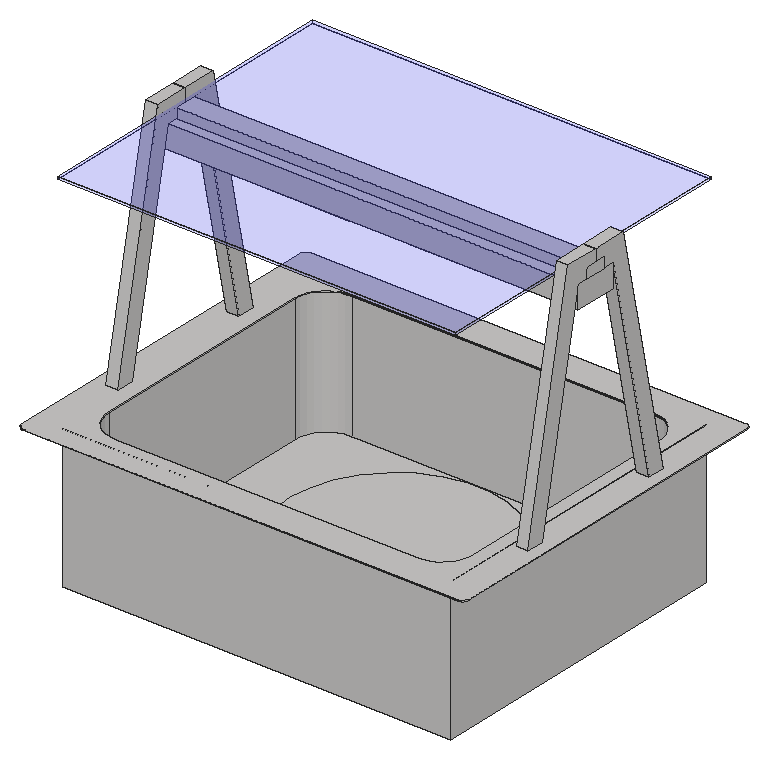
Revit family "scaldavivande_alto", category Attrezzature speciali, Revit 2020
Family settings
  Quota connettore circolare = Usa diametro
  Tipo di parte = Normale
  Basato su piano di lavoro = No
  Sempre verticale = Sì
  Taglio con vuoti quando caricato = No
  Condiviso = No
  Punto di calcolo locali = No
Parameters
  Width = 770 mm
  Prospetto di default = 0 mm
  Deep = 620 mm
Reference planes
  plane 1 "BACK": y = 0
  plane 2: z = 5.426
  plane 3 "LEFT": x = 0
  plane 4: y = -620
  plane 5: z = 409.426
  plane 6: y = -310
Forms (mm)
  Extrusion 1, solid, material "QF_Finishes_Stainless Steel"
    sketch origin (-650, 0, 5.426) x (1, 0, 0) y (0, 1, 0)
      loop
        arc (660, 0) -> (652.929, -2.929) -> (650, -10) r 10
        line (650, -10) -> (650, -610)
        arc (650, -610) -> (652.929, -617.071) -> (660, -620) r 10
        line (660, -620) -> (1410, -620)
        arc (1410, -620) -> (1417.071, -617.071) -> (1420, -610) r 10
        line (1420, -610) -> (1420, -10)
        arc (1420, -10) -> (1417.071, -2.929) -> (1410, 0) r 10
        line (1410, 0) -> (660, 0)
    from 0 to 1
  Extrusion 2, solid, material "QF_Finishes_Stainless Steel"
    sketch origin (0, 0, 12.548) x (1, 0, 0) y (0, 1, 0)
      loop
        line (50, -35) -> (50, -585) -> (720, -585) -> (720, -35) -> (50, -35)
    from -251.122 to -7.122
  Extrusion 3, void
    sketch origin (0, 0, -2.817) x (1, 0, 0) y (0, 1, 0)
      loop
        arc (125, -55) -> (86.109, -71.109) -> (70, -110) r 55
        line (70, -110) -> (70, -510)
        arc (70, -510) -> (86.109, -548.891) -> (125, -565) r 55
        line (125, -565) -> (644.507, -565)
        arc (644.507, -565) -> (683.398, -548.891) -> (699.507, -510) r 55
        line (699.507, -510) -> (699.507, -110)
        arc (699.507, -110) -> (683.398, -71.109) -> (644.507, -55) r 55
        line (644.507, -55) -> (125, -55)
    from -209.107 to 9.244
  Extrusion 4, solid, material "QF_Finishes_Stainless Steel"
    sketch origin (21.5, -620, 0) x (0, -1, 0) y (0, 0, -1)
      loop
        line (-310, -409.426) -> (-250.873, -409.426) -> (-165, -5.426) -> (-195, -5.426) -> (-272.583, -370.426) -> (-310, -370.426) -> (-310, -409.426)
    from 0 to 20
  Extrusion 5, solid, material "QF_Finishes_Stainless Steel"
    sketch origin (21.5, 0, 0) x (0, 1, 0) y (0, 0, 1)
      loop
        line (-310, 409.426) -> (-310, 370.426) -> (-272.583, 370.426) -> (-195, 5.426) -> (-165, 5.426) -> (-250.873, 409.426) -> (-310, 409.426)
    from 0 to 20
  Extrusion 6, solid, material "QF_Finishes_Stainless Steel"
    sketch origin (749, -620, 0) x (0, -1, 0) y (0, 0, 1)
      loop
        line (-310, 409.426) -> (-310, 370.426) -> (-272.583, 370.426) -> (-195, 5.426) -> (-165, 5.426) -> (-250.873, 409.426) -> (-310, 409.426)
    from 0 to 20
  Extrusion 7, solid, material "QF_Finishes_Stainless Steel"
    sketch origin (749, 0, 0) x (0, 1, 0) y (0, 0, -1)
      loop
        line (-310, -409.426) -> (-250.873, -409.426) -> (-165, -5.426) -> (-195, -5.426) -> (-272.583, -370.426) -> (-310, -370.426) -> (-310, -409.426)
    from 0 to 20
  Extrusion 8, solid, material "QF_Finishes_Stainless Steel"
    sketch origin (0, 0, 0) x (0, 1, 0) y (0, 0, 1)
      loop
        line (-291.292, 370.426) -> (-291.292, 387.956) -> (-328.917, 387.956) -> (-328.917, 370.426) -> (-291.292, 370.426)
    from 21.5 to 749
  Extrusion 9, solid, material "Vetro"
    sketch origin (-15.44, 0, 5.426) x (1, 0, 0) y (0, 1, 0)
      loop
        line (56.94, -35) -> (56.94, -585) -> (744.44, -585) -> (744.44, -35) -> (56.94, -35)
    from 382.529 to 387.529
  Extrusion 10, solid, material "QF_Finishes_Stainless Steel"
    sketch origin (329.693, -341.308, -643.387) x (0, 0, -1) y (0, 1, 0)
      loop
        circle (-372.814, -140.692) r 12.7
    from 5 to 70.307
  Extrusion 11, solid, material "QF_Finishes_Stainless Steel"
    sketch origin (0, 0, 0) x (0, 1, 0) y (0, 0, 1)
      loop
        line (-272.583, 370.426) -> (-347.583, 370.426) -> (-347.583, 330.426) -> (-272.583, 330.426) -> (-272.583, 370.426)
    from 21.5 to 749
  Extrusion 12, solid, material "QF_Finishes_Stainless Steel"
    sketch origin (34.947, 0, 0) x (0, 1, 0) y (0, 0, 1)
      loop
        line (-280.414, 330.426) -> (-340.414, 330.426) -> (-340.414, 325.426) -> (-280.414, 325.426) -> (-280.414, 330.426)
    from 113.553 to 313.553
  Extrusion 13, solid, material "QF_Finishes_Stainless Steel"
    sketch origin (769.053, 0, 0) x (0, 1, 0) y (0, 0, -1)
      loop
        line (-280.414, -330.426) -> (-280.414, -325.426) -> (-340.414, -325.426) -> (-340.414, -330.426) -> (-280.414, -330.426)
    from 113.553 to 313.553
  Extrusion 14, solid, material "QF_Finishes_Stainless Steel"
    sketch origin (0, 0, 5.426) x (1, 0, 0) y (0, 1, 0)
      loop
        circle (386.025, -481.971) r 12.675
    from -276 to -244
  Extrusion 15, solid, material "QF_Finishes_Stainless Steel"
    sketch origin (1420, 0, 22.375) x (-1, 0, 0) y (0, -1, 0)
      loop
        circle (1015.693, 310) r 180
    from -234.299 to -181.299
  Extrusion 16, solid, material "QF_Finishes_Stainless Steel"
    sketch origin (0, 0, 0.351) x (0, 1, 0) y (0, 0, 1)
      loop
        line (-161.185, -238.924) -> (-461.185, -238.924) -> (-461.185, -268.924) -> (-161.185, -268.924) -> (-161.185, -238.924)
    from 247.74 to 572.66
Cuts and joins
  Extrusion 3 cuts Extrusion 1
  Extrusion 3 cuts Extrusion 2
Dimensions and locks
  equal spacing: Extrusion 1, Extrusion 2 sketch curve, Extrusion 2 sketch curve, Extrusion 1  (x2)
  "Width": Extrusion 1 to Extrusion 1
  "Deep": Extrusion 1 to plane 1 "BACK"
  equal spacing: Extrusion 2, Extrusion 3 sketch curve, Extrusion 3 sketch curve, Extrusion 2  (x2)
  plane 5 to plane 2 = 404 mm
  Extrusion 11 sketch curve to cut or joined group of Extrusion 1, Extrusion 3 = 324 mm
  aligned and locked: level to plane 2
Automatic sketch dimensions
  Extrusion 1 sketch curve to plane 3 "LEFT" = 0 mm
  plane 4 to Extrusion 1 sketch curve = 0 mm
  plane 1 "BACK" to Extrusion 1 sketch curve = 0 mm
  plane 3 "LEFT" to Extrusion 1 sketch curve = 10 mm  (x2)
  plane 3 "LEFT" to Extrusion 2 sketch curve = 50 mm
  Extrusion 2 sketch curve to plane 4 = 35 mm
  plane 1 "BACK" to Extrusion 2 sketch curve = 35 mm
  plane 3 "LEFT" to Extrusion 3 sketch curve = 70 mm
  Extrusion 3 sketch curve to Extrusion 3 sketch curve = 55 mm  (x4)
  Extrusion 3 sketch curve to plane 4 = 55 mm
  plane 1 "BACK" to Extrusion 3 sketch curve = 110 mm
  Extrusion 4 sketch curve to plane 6 = 0 mm
  plane 5 to Extrusion 4 sketch curve = 0 mm
  Extrusion 4 sketch curve to level = 0 mm
  Extrusion 4 sketch curve to Extrusion 4 sketch curve = 37.417 mm
  Extrusion 4 sketch curve to Extrusion 4 sketch curve = 21.71 mm
  plane 6 to Extrusion 4 sketch curve = 115 mm
  Extrusion 4 sketch curve to Extrusion 4 sketch curve = 30 mm
  Extrusion 4 sketch curve to Extrusion 4 sketch curve = 39 mm
  Extrusion 5 sketch curve to plane 6 = 0 mm
  plane 5 to Extrusion 5 sketch curve = 0 mm
  Extrusion 5 sketch curve to level = 0 mm
  Extrusion 5 sketch curve to Extrusion 5 sketch curve = 37.417 mm
  Extrusion 5 sketch curve to Extrusion 5 sketch curve = 21.71 mm
  plane 6 to Extrusion 5 sketch curve = 115 mm
  Extrusion 5 sketch curve to Extrusion 5 sketch curve = 30 mm
  Extrusion 5 sketch curve to Extrusion 5 sketch curve = 39 mm
  Extrusion 6 sketch curve to plane 6 = 0 mm
  plane 5 to Extrusion 6 sketch curve = 0 mm
  Extrusion 6 sketch curve to level = 0 mm
  Extrusion 6 sketch curve to Extrusion 6 sketch curve = 37.417 mm
  Extrusion 6 sketch curve to Extrusion 6 sketch curve = 21.71 mm
  Extrusion 6 sketch curve to plane 6 = 115 mm
  Extrusion 6 sketch curve to Extrusion 6 sketch curve = 30 mm
  Extrusion 6 sketch curve to Extrusion 6 sketch curve = 39 mm
  Extrusion 7 sketch curve to plane 6 = 0 mm
  plane 5 to Extrusion 7 sketch curve = 0 mm
  Extrusion 7 sketch curve to level = 0 mm
  Extrusion 7 sketch curve to Extrusion 7 sketch curve = 37.417 mm
  Extrusion 7 sketch curve to Extrusion 7 sketch curve = 21.71 mm
  plane 6 to Extrusion 7 sketch curve = 115 mm
  Extrusion 7 sketch curve to Extrusion 7 sketch curve = 30 mm
  Extrusion 7 sketch curve to Extrusion 7 sketch curve = 39 mm
  Extrusion 8 sketch curve to plane 6 = 18.917 mm
  plane 6 to Extrusion 8 sketch curve = 18.708 mm
  plane 5 to Extrusion 8 sketch curve = 39 mm
  Extrusion 8 sketch curve to Extrusion 8 sketch curve = 17.529 mm
  plane 3 "LEFT" to Extrusion 9 sketch curve = 41.5 mm
  Extrusion 9 sketch curve to plane 4 = 35 mm
  plane 1 "BACK" to Extrusion 9 sketch curve = 35 mm
  Extrusion 10 sketch curve to level = 276 mm
  Extrusion 10 sketch curve to plane 4 = 138 mm
  Extrusion 11 sketch curve to plane 6 = 37.583 mm
  plane 6 to Extrusion 11 sketch curve = 37.417 mm
  plane 5 to Extrusion 11 sketch curve = 39 mm
  Extrusion 12 sketch curve to plane 6 = 30.414 mm
  plane 6 to Extrusion 12 sketch curve = 29.586 mm
  plane 5 to Extrusion 12 sketch curve = 84 mm
  Extrusion 12 sketch curve to Extrusion 12 sketch curve = 5 mm
  Extrusion 13 sketch curve to plane 6 = 30.414 mm
  plane 6 to Extrusion 13 sketch curve = 29.586 mm
  plane 5 to Extrusion 13 sketch curve = 79 mm
  Extrusion 13 sketch curve to Extrusion 13 sketch curve = 5 mm
  Extrusion 14 sketch curve to plane 4 = 138.029 mm
  Extrusion 15 sketch curve to plane 6 = 0 mm
  Extrusion 16 sketch curve to plane 6 = 151.185 mm
  plane 6 to Extrusion 16 sketch curve = 148.815 mm
  Extrusion 16 sketch curve to level = 274 mm
  Extrusion 16 sketch curve to Extrusion 16 sketch curve = 30 mm
  plane 3 "LEFT" to Extrusion 14 sketch curve = 386.025 mm
  plane 3 "LEFT" to Extrusion 15 sketch curve = 404.307 mm
  Extrusion 1 sketch curve to Extrusion 1 sketch curve = 750 mm
  Extrusion 1 sketch curve to Extrusion 1 sketch curve = 0 mm
  plane 1 "BACK" to Extrusion 1 sketch curve = 10 mm
  Extrusion 2 sketch curve to Extrusion 2 sketch curve = 670 mm
  Extrusion 3 sketch curve to Extrusion 3 sketch curve = 519.507 mm
  Extrusion 9 sketch curve to Extrusion 9 sketch curve = 687.5 mm
  radius of Extrusion 10 sketch curve = 12.7 mm
  radius of Extrusion 14 sketch curve = 12.675 mm
  radius of Extrusion 15 sketch curve = 180 mm
Connectors
  piping at (334.693, -482, -270.574), diameter 25.4
    settings: on Extrusion 10, index 5, connector inside diameter 609.6 mm, connector length 0 mm, flow factor 0, pipe flow 0.0 L/s, pressure drop 0.0 Pa, fitting loss kfactor 0, connector angle 0.00°, fixture units 0, engagement length 0 mm, angle of deflection 0.00°, flow configuration 0, flow direction 0, fitting loss method 0, system type 29, joint type 0, gender type 0, connector reference index -1, connector utility 0, adjustable connector no, is connector primary yes, connector description "D"
